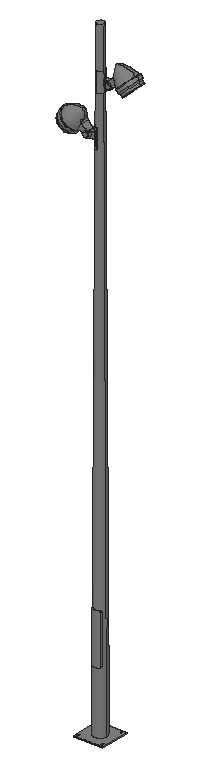
Revit family "Фобос 05_v1", category Осветительные приборы, Revit 2019
Family settings
  Размер круглого соединителя = Использовать диаметр
  Тип детали = Нормальный
  На основе рабочей плоскости = Нет
  Всегда вертикально = Да
  При загрузке вырезать с полостями = Нет
  Источник света = Да
  Общий = Нет
  Точка расчета площади = Нет
Parameters (values of type "ДТУ138с29 Светодиодный светильник Фобос 05 ДТУ-138-AF-72Вт-5,0-2-Spot-05-36Вт")
  built-in parameter 1150104 = 13.8 (stored number, unit not read)
  Цветоывая температура = size_lookup(Таблица выбора, "С", "", ADSK_Артикул, ADSK_Размер_Высота)  # "2700-5500"
  built-in parameter 1150134 = 3
  Файл фотометрической сетки = "Spot-05-AF 36W 60°.ies"
  Угол наклона = 60.00°
  Тип продукции = size_lookup(Таблица выбора, "T", " ", ADSK_Артикул, ADSK_Размер_Высота)  # "LED-светильник"
  Тип ПРА = "-"
  Тип КСС = size_lookup(Таблица выбора, "KSS", " ", ADSK_Артикул, ADSK_Размер_Высота)  # "специальная"
  Тип ИС = size_lookup(Таблица выбора, "IS", " ", ADSK_Артикул, ADSK_Размер_Высота)  # "LED-модуль"
  Температура эксплуатации = size_lookup(Таблица выбора, "T1", " ", ADSK_Артикул, ADSK_Размер_Высота)  # "-40 +50"
  Таблица выбора = "Таблица параметров светильников_par4_v1"
  built-in parameter 1150137 = (empty or 0)
  built-in parameter 1150132 = 2
  built-in parameter 1150114 = 1 (stored number, unit not read)
  Dimming Lamp Color Temperature Shift = (empty or 0)
  built-in parameter 1150105 = 3273.9 (stored number, unit not read)
  Color Filter = 16777215
  Lumens = 7920 lm
  built-in parameter 1150109 = 1 (stored number, unit not read)
  built-in parameter 1150112 = 1 (stored number, unit not read)
  built-in parameter 1150110 = 1 (stored number, unit not read)
  built-in parameter 1150113 = 1 (stored number, unit not read)
  built-in parameter 1150115 = 1 (stored number, unit not read)
  built-in parameter 1114218 = 1 (stored number, unit not read)
  built-in parameter 1114217 = 1 (stored number, unit not read)
  Apparent Load = 0 VA
  built-in parameter 1150106 = 32.739 (stored number, unit not read)
  Область использования = "Парки, скверы, общественные пространства, городская инфраструктура"  # constant formula
  built-in parameter 1150133 = 10 (stored number, unit not read)
  Wattage = 53.3183 W
  Материал рассеивателя = size_lookup(Таблица выбора, "M2", " ", ADSK_Артикул, ADSK_Размер_Высота)  # "Светотехнический ПК"
  built-in parameter 1150139 = (empty or 0)
  Корпус светильника = Сталь, окрашенная, темно-серая
  Рассеиватель = Белый_Светодиод
  Короб_Диаметр = 20 mm
  Климатическая зона = size_lookup(Таблица выбора, "TT", " ", ADSK_Артикул, ADSK_Размер_Высота)  # "УХЛ1"
  Класс пожароопасности = size_lookup(Таблица выбора, "F", " ", ADSK_Артикул, ADSK_Размер_Высота)  # "F (светильники предназначены для установки непосредственно на поверхность из нормально воспламеняемых материалов)"
  Класс защиты = size_lookup(Таблица выбора, "K", " ", ADSK_Артикул, ADSK_Размер_Высота)  # "1"
  built-in parameter 1150138 = (empty or 0)
  built-in parameter 1150107 = 3200 (stored number, unit not read)
  built-in parameter 1150102 = (empty or 0)
  Блок аварийного питания = no
  h_дверка = 400 mm
  S_дверка = 70 mm
  S2_фланец = 190 mm
  S1_фланец = 230 mm
  R_дверка_загибы = 10 mm
  L_отступ до центра = 1000 mm
  L_отступ до конечной точки = 1500 mm
  IP Class = size_lookup(Таблица выбора, "I", " ", ADSK_Артикул, ADSK_Размер_Высота)  # "IP 67"
  H_фланец = 10 mm
  H_конечной точки = 1500 mm
  H_дверка = 500 mm
  H1_светильник = 400 mm
  D_фланец_отверстия = 18 mm
  D_столб_низ = 100 mm
  D_столб_верх = 60 mm
  ADSK_Энергоэффективность = size_lookup(Таблица выбора, "E", 0 lm/W, ADSK_Артикул, ADSK_Размер_Высота)  # 10 lm/W
  ADSK_Фактическая мощность = size_lookup(Таблица выбора, "EF", 0 W, ADSK_Артикул, ADSK_Размер_Высота)  # 72 W
  ADSK_Ток = 0 A
  ADSK_Размер_Высота = 5000 mm
  ADSK_Примечание = ""
  ADSK_Полная мощность = 0 VA
  ADSK_Позиция = ""
  ADSK_Номинальная мощность = size_lookup(Таблица выбора, "ER", 0 W, ADSK_Артикул, ADSK_Размер_Высота)  # 72 W
  ADSK_Напряжение = 220 V  # constant formula
  ADSK_Наименование = size_lookup(Таблица выбора, "N", " ", ADSK_Артикул, ADSK_Размер_Высота)  # "ДТУ138с29 Светодиодный светильник Фобос 05 ДТУ-138-AF-72Вт-5.0-2-Spot-05-36Вт"
  ADSK_Модель = size_lookup(Таблица выбора, "M", " ", ADSK_Артикул, ADSK_Размер_Высота)  # "Фобос 05 ДТУ-138-AF"
  ADSK_Масса_Текст = size_lookup(Таблица выбора, "M1", " ", ADSK_Артикул, ADSK_Размер_Высота)  # "45"
  ADSK_Масса = size_lookup(Таблица выбора, "MAS", 0, ADSK_Артикул, ADSK_Размер_Высота)  # 45
  ADSK_Коэффициент мощности = 0
  ADSK_Количество фаз числовое = 0
  ADSK_Количество фаз = 2  # constant formula
  ADSK_Код изделия = ""
  ADSK_Классификация нагрузок [instance] = Освещение
  ADSK_Завод-изготовитель = "ALFRESCO"  # constant formula
  ADSK_Единица измерения = "шт."  # constant formula
  ADSK_Артикул = "ДТУ138с29"
  ADSK_URL страницы изделия = "https://www.allfresco.ru/catalog/dekorativnoe_ulichnoe_osveshchenie/skaylayn/"
  5 = no
  4 = no
  3 = no
  2 = yes
  1 = no
Reference planes
  plane 1 "По центру (Вперед/Назад)": y = 0
  plane 2: z = 0
  plane 3 "По центру (Влево/Вправо)": x = 0
  plane 4: x = -115
  plane 5: x = 115
  plane 6: y = 115
  plane 7: y = -115
  plane 8: x = -95
  plane 9: x = 95
  plane 10: y = 95
  plane 11: y = -95
  plane 12: z = 10
  plane 13: z = 5000
  plane 14: z = 500
  plane 15: z = 900
  plane 16: x = -35
  plane 17: x = 35
  plane 18 "1": z = 4600
  plane 19 "2": z = 4200
  plane 20 "3": z = 3800
  plane 21 "4": z = 3400
  plane 22 "5": z = 3000
  plane 23: y = 270
Forms (mm)
  Extrusion 1, solid, material "Сталь, окрашенная, темно-серая" <- "Корпус светильника", detail levels medium+fine
    sketch origin (0, 0, 0) x (1, 0, 0) y (0, 1, 0)
      loop
        line (-115, 115) -> (-115, -115) -> (115, -115) -> (115, 115) -> (-115, 115)
      loop
        circle (-95, 95) r 9
      loop
        circle (95, 95) r 9
      loop
        circle (95, -95) r 9
      loop
        circle (-95, -95) r 9
    from 0 to 10
  Blend 2, solid, material "Сталь, окрашенная, темно-серая" <- "Корпус светильника", detail levels medium+fine
    base sketch origin (0, 0, 0) x (1, 0, 0) y (0, 1, 0)
      loop
        circle (0, 0) r 50
    top sketch origin (0, 0, 0) x (1, 0, 0) y (0, 1, 0)
      loop
        circle (0, 0) r 30
    from 10 to 5000
  Extrusion 3, solid, material "Сталь, окрашенная, темно-серая" <- "Корпус светильника", detail levels medium+fine
    sketch origin (0, 0, 0) x (1, 0, 0) y (0, 0, 1)
      loop
        arc (-25, 900) -> (-32.071, 897.071) -> (-35, 890) r 10
        line (-35, 890) -> (-35, 510)
        arc (-35, 510) -> (-32.071, 502.929) -> (-25, 500) r 10
        line (-25, 500) -> (25, 500)
        arc (25, 500) -> (32.071, 502.929) -> (35, 510) r 10
        line (35, 510) -> (35, 890)
        arc (35, 890) -> (32.071, 897.071) -> (25, 900) r 10
        line (25, 900) -> (-25, 900)
    from 0 to 55
  Extrusion 4, void
    sketch origin (0, 0, 0) x (1, 0, 0) y (0, 1, 0)
      loop
        arc (35, -35.707) -> (0, -50) -> (-35, -35.707) r 50
        line (-35, -35.707) -> (-35, -63.443) -> (35, -63.443) -> (35, -35.707)
    from 500 to 900
Cuts and joins
  Extrusion 4 cuts Extrusion 3
Lines and regions (mm)
  model lines, detail levels coarse
    curve 1: line (-115, 0, 0) -> (115, 0, 0)
    curve 2: line (0, 0, 5000) -> (0, 0, 0)
Dimensions and locks
  equal spacing: plane 4, plane 3 "По центру (Влево/Вправо)", plane 5
  "S1_фланец": plane 4 to plane 5
  equal spacing: plane 6, plane 1 "По центру (Вперед/Назад)", plane 7
  "S1_фланец": plane 6 to plane 7
  equal spacing: plane 8, plane 3 "По центру (Влево/Вправо)", plane 9
  "S2_фланец": plane 8 to plane 9
  equal spacing: plane 10, plane 1 "По центру (Вперед/Назад)", plane 11
  "S2_фланец": plane 10 to plane 11
  "H_фланец": plane 12 to plane 2
  "ADSK_Размер_Высота": plane 13 to plane 2
  "H_дверка": plane 14 to plane 2
  "h_дверка": plane 15 to plane 14
  equal spacing: plane 17, plane 3 "По центру (Влево/Вправо)", plane 16
  "S_дверка": plane 17 to plane 16
  "H1_светильник": plane 13 to plane 18 "1"
  plane 1 "По центру (Вперед/Назад)" to nested 1 = 316.951 mm
  "H1_светильник": plane 18 "1" to plane 19 "2"
  "H1_светильник": plane 19 "2" to plane 20 "3"
  "H1_светильник": plane 20 "3" to plane 21 "4"
  "H1_светильник": plane 21 "4" to plane 22 "5"
  plane 1 "По центру (Вперед/Назад)" to plane 23 = 270 mm
  "D_фланец_отверстия": diameter of Extrusion 1 sketch curve  (x4)
  "D_столб_низ": diameter of Blend 2 sketch curve
  "D_столб_верх": diameter of Blend 2 sketch curve
  "R_дверка_загибы": radius of Extrusion 3 sketch curve  (x4)
  aligned and locked: level to plane 2
  aligned and locked: Extrusion 1 sketch curve to plane 6
  aligned and locked: plane 4 to Extrusion 1 sketch curve
  aligned and locked: plane 7 to Extrusion 1 sketch curve
  aligned and locked: Extrusion 1 sketch curve to plane 5
  aligned and locked: plane 8 to Extrusion 1 sketch curve  (x2)
  aligned and locked: plane 10 to Extrusion 1 sketch curve  (x2)
  aligned and locked: plane 9 to Extrusion 1 sketch curve  (x2)
  aligned and locked: plane 11 to Extrusion 1 sketch curve  (x2)
  aligned and locked: Extrusion 1 to plane 2
  aligned and locked: plane 12 to Extrusion 1
  aligned and locked: plane 3 "По центру (Влево/Вправо)" to Blend 2 sketch curve  (x2)
  aligned and locked: plane 1 "По центру (Вперед/Назад)" to Blend 2 sketch curve  (x2)
  aligned and locked: plane 13 to Blend 2
  aligned and locked: Blend 2 to plane 12
  aligned and locked: Extrusion 3 sketch curve to plane 15
  aligned and locked: plane 16 to Extrusion 3 sketch curve
  aligned and locked: plane 14 to Extrusion 3 sketch curve
  aligned and locked: Extrusion 3 sketch curve to plane 17
  aligned and locked: Extrusion 3 to plane 1 "По центру (Вперед/Назад)"
  aligned and locked: plane 15 to Extrusion 4
  aligned and locked: Extrusion 4 to plane 14
  aligned and locked: nested 1 to plane 18 "1"
  aligned and locked: plane 1 "По центру (Вперед/Назад)" to nested 1
  aligned and locked: nested 2 to plane 18 "1"
  aligned and locked: nested 3 to plane 19 "2"
  aligned and locked: plane 3 "По центру (Влево/Вправо)" to nested 2
  aligned and locked: nested 3 to plane 3 "По центру (Влево/Вправо)"
  aligned and locked: nested 6 to plane 19 "2"
  aligned and locked: plane 1 "По центру (Вперед/Назад)" to nested 6
  aligned and locked: nested 4 to plane 18 "1"
  aligned and locked: nested 5 to plane 20 "3"
  aligned and locked: plane 3 "По центру (Влево/Вправо)" to nested 4
  aligned and locked: nested 5 to plane 3 "По центру (Влево/Вправо)"
  aligned and locked: nested 7 to plane 18 "1"
  aligned and locked: plane 3 "По центру (Влево/Вправо)" to nested 7
  aligned and locked: nested 8 to plane 20 "3"
  aligned and locked: nested 8 to plane 3 "По центру (Влево/Вправо)"
  aligned and locked: nested 9 to plane 19 "2"
  aligned and locked: plane 1 "По центру (Вперед/Назад)" to nested 9
  aligned and locked: nested 10 to plane 1 "По центру (Вперед/Назад)"
  aligned and locked: plane 3 "По центру (Влево/Вправо)" to nested 11
  aligned and locked: nested 12 to plane 3 "По центру (Влево/Вправо)"
  aligned and locked: plane 3 "По центру (Влево/Вправо)" to nested 13
  aligned and locked: nested 13 to plane 22 "5"
  aligned and locked: nested 12 to plane 20 "3"
  aligned and locked: nested 14 to plane 19 "2"
  aligned and locked: nested 15 to plane 21 "4"
  aligned and locked: plane 1 "По центру (Вперед/Назад)" to nested 14
  aligned and locked: nested 15 to plane 1 "По центру (Вперед/Назад)"
  aligned and locked: plane 3 "По центру (Влево/Вправо)" to imposter light
  aligned and locked: plane 19 "2" to imposter light
  aligned and locked: imposter light to plane 23
  aligned and locked: nested 10 to plane 21 "4"
  aligned and locked: plane 4 to curve 1
  aligned and locked: plane 5 to curve 1
  aligned and locked: curve 1 to plane 2
  aligned and locked: plane 2 to curve 2
  aligned and locked: plane 13 to curve 2
  aligned and locked: curve 2 to plane 3 "По центру (Влево/Вправо)"
  aligned and locked: plane 1 "По центру (Вперед/Назад)" to nested 16
  aligned and locked: plane 3 "По центру (Влево/Вправо)" to nested 16
Automatic sketch dimensions
  plane 1 "По центру (Вперед/Назад)" to Extrusion 4 sketch curve = 35.707 mm
  Extrusion 4 sketch curve to plane 3 "По центру (Влево/Вправо)" = 0 mm
  Extrusion 4 sketch curve to plane 17 = 0 mm
  Extrusion 4 sketch curve to plane 16 = 0 mm
  Extrusion 4 sketch curve to Extrusion 4 sketch curve = 27.736 mm
  plane 1 "По центру (Вперед/Назад)" to Extrusion 4 sketch curve = 0 mm
  Extrusion 1 sketch curve to plane 9 = 0 mm
Nested families
  nested 1: "Фобос светильничек" at (0, 340.365, 4684.243) x (0, 1, 0) z (0, 0, 1), visible <- "1", type "Фобос светильничек"
    with R_крепление-2 30 mm, R_крепление на столб 32 mm
  nested 2: "Фобос светильничек" at (340.365, 0, 4684.243), visible <- "2", type "Фобос светильничек"
    with R_крепление-2 30 mm, R_крепление на столб 32 mm
  nested 3: "Фобос светильничек" at (-340.365, 0, 4284.243) x (-1, 0, 0) z (0, 0, 1), visible <- "2", type "Фобос светильничек"
    with R_крепление-2 32 mm, R_крепление на столб 34 mm
  nested 4: "Фобос светильничек" at (340.365, 0, 4684.243), visible <- "3", type "Фобос светильничек"
    with R_крепление-2 30 mm, R_крепление на столб 32 mm
  nested 5: "Фобос светильничек" at (-340.365, 0, 3884.243) x (-1, 0, 0) z (0, 0, 1), visible <- "3", type "Фобос светильничек"
    with R_крепление-2 34 mm, R_крепление на столб 36 mm
  nested 6: "Фобос светильничек" at (0, 340.365, 4284.243) x (0, 1, 0) z (0, 0, 1), visible <- "3", type "Фобос светильничек"
    with R_крепление-2 32 mm, R_крепление на столб 34 mm
  nested 7: "Фобос светильничек_крупный_362" at (312.395, 0, 4684.243), visible <- "4", type "Фобос светильничек_крупный_362"
    with R_крепление-2 30 mm, R_крепление на столб 32 mm
  nested 8: "Фобос светильничек_крупный_362" at (-312.395, 0, 3884.243) x (-1, 0, 0) z (0, 0, 1), visible <- "4", type "Фобос светильничек_крупный_362"
    with R_крепление-2 34 mm, R_крепление на столб 36 mm
  nested 9: "Фобос светильничек_крупный_362" at (0, 312.395, 4284.243) x (0, 1, 0) z (0, 0, 1), visible <- "4", type "Фобос светильничек_крупный_362"
    with R_крепление-2 32 mm, R_крепление на столб 34 mm
  nested 10: "Фобос светильничек_крупный_362" at (0, -312.395, 3484.243) x (0, -1, 0) z (0, 0, 1), visible <- "4", type "Фобос светильничек_крупный_362"
    with R_крепление-2 36 mm, R_крепление на столб 38 mm
  nested 11: "Фобос светильничек_крупный_344" at (312.365, 0, 5684.243), visible <- "5", type "Фобос светильничек_крупный_344"
    with R_крепление-2 30 mm, R_крепление на столб 32 mm
  nested 12: "Фобос светильничек_крупный_344" at (-312.365, 0, 3884.243) x (-1, 0, 0) z (0, 0, 1), visible <- "5", type "Фобос светильничек_крупный_344"
    with R_крепление-2 1 mm, R_крепление на столб 3 mm
  nested 13: "Фобос светильничек_крупный_344" at (312.365, 0, 3084.243), visible <- "5", type "Фобос светильничек_крупный_344"
    with R_крепление-2 38 mm, R_крепление на столб 40 mm
  nested 14: "Фобос светильничек_крупный_344" at (0, 312.365, 4284.243) x (0, 1, 0) z (0, 0, 1), visible <- "5", type "Фобос светильничек_крупный_344"
    with R_крепление-2 32 mm, R_крепление на столб 34 mm
  nested 15: "Фобос светильничек_крупный_344" at (0, -312.365, 3484.243) x (0, -1, 0) z (0, 0, 1), visible <- "5", type "Фобос светильничек_крупный_344"
    with R_крепление-2 1 mm, R_крепление на столб 3 mm
  nested 16: "УГО план" at (0, 0, 0), type "УГО план"
Connectors
  electrical at (0, 0, 0), driven by "ADSK_Количество фаз", driven by "ADSK_Классификация нагрузок", driven by "ADSK_Напряжение", driven by "ADSK_Полная мощность"
    settings: on Extrusion 1, index 1, voltage 220 V, apparent load 0 VA, apparent load phase1 0 VA, apparent load phase2 0 VA, apparent load phase3 0 VA, power factor 1, load classification "Освещение", number of poles 2, system type 30, power factor state 1, is connector primary yes, connector utility no, sub classification motor no, connector description ""
  cabletrayconduit at (0, 0, 0), diameter 20, driven by "Короб_Диаметр"
    settings: on Extrusion 1, index 2, connector width 300 mm, connector height 300 mm, connector angle 0.00°, system type 32, placement type 0, profile type 0, connector reference index -1, is primary connector yes, connector utility param no, connector description ""
Definition of nested family "Фобос светильничек"
  Parameters (values of type "Фобос светильничек")
    Светильнкии = none
    Рассеиватель = none
    Default Elevation = 1219.2 mm
    Корпус светильника = none
    h_пластина = 75 mm
    S_крепеж = 30 mm
    S = 60 mm
    R_крепление-2 [instance] = R_крепление на столб - 2 mm  # 30 mm
    R_крепление на столб [instance] = 32 mm
  Reference planes
    plane 1 "По центру (Вперед/Назад)": y = 0
    plane 2: z = 0
    plane 3 "По центру (Влево/Вправо)": x = 0
    plane 4: y = 30
    plane 5: y = -30
    plane 6: x = -268.395
    plane 7: z = -84.243
    plane 8: y = 15
    plane 9: y = -15
    plane 10: x = -340.365
    plane 11: x = -308.365
    plane 12: x = -338.365
    plane 13: z = -9.243
    plane 14: z = -159.243
    plane 15: x = -252.365
  Forms (mm)
    Revolve 1, solid, material <- "Корпус светильника", detail levels medium+fine
      sketch origin (-58.301, 0, 38.944) x (0.939703, 0, 0.341992) y (-0.341992, 0, 0.939703)
        loop
          line (-163.94, -74.056) -> (-151.507, -101.579)
          arc (-151.507, -101.579) -> (-143.076, -100.022) -> (-136.538, -105.568) r 10
          line (-136.538, -105.568) -> (-127.841, -124.821) -> (-56.758, -92.71) -> (-81.92, -37.005) -> (-163.94, -74.056)
        axis (-56.756, -92.712) -> (-81.919, -37.005)
      angle from 0 to 360
    Revolve 2, solid, material <- "Корпус светильника", detail levels medium+fine
      sketch origin (-58.301, 0, 38.944) x (0.939703, 0, 0.341992) y (-0.341992, 0, 0.939703)
        loop
          arc (-126.644, 80.901) -> (-130.859, 81.492) -> (-134.997, 80.495) r 11.398
          line (-134.997, 80.495) -> (-81.923, -37.006) -> (-2.866, -1.296)
          arc (-2.866, -1.296) -> (-3.858, -1.465) -> (-4.807, -1.131) r 2
          arc (-4.807, -1.131) -> (-58.48, 50.647) -> (-126.644, 80.901) r 214.352
        axis (-134.997, 80.495) -> (-81.923, -37.006)
      angle from 0 to 360
    Extrusion 3, solid, material <- "Корпус светильника", detail levels medium+fine
      sketch origin (-54.723, 0, 42.436) x (0.939703, 0, 0.341992) y (-0.341992, 0, 0.939703)
        loop
          line (-155.572, 21.406) -> (-162.552, 18.151)
          arc (-162.552, 18.151) -> (-168.406, 5.682) -> (-179.219, -2.853) r 29.977
          line (-179.219, -2.853) -> (-227.894, -25.552)
          arc (-227.894, -25.552) -> (-229.749, -26.237) -> (-231.692, -26.608) r 11.991
          arc (-231.692, -26.608) -> (-251.688, -62.007) -> (-211.717, -69.441) r 24.981
          arc (-211.717, -69.441) -> (-210.194, -68.198) -> (-208.489, -67.22) r 11.991
          line (-208.489, -67.22) -> (-188.446, -57.873)
          arc (-188.446, -57.873) -> (-173.139, -57.171) -> (-161.835, -67.515) r 19.985
          line (-161.835, -67.515) -> (-123.484, -49.63) -> (-155.572, 21.406)
        loop
          line (-229.047, -51.449) -> (-227.569, -51.987) -> (-227.015, -50.465) -> (-228.493, -49.927) -> (-229.047, -51.449)
      from -30 to 30
    Extrusion 4, solid, material <- "Корпус светильника", detail levels medium+fine
      sketch origin (-11.97, 0, 0) x (1, 0, 0) y (0, 0, 1)
        loop
          circle (-240.395, -84.243) r 19.985
      from 30 to 35
    Extrusion 5, solid, material <- "Корпус светильника", detail levels medium+fine
      sketch origin (-11.97, 0, 0) x (1, 0, 0) y (0, 0, -1)
        loop
          circle (-240.395, 84.243) r 19.985
      from 30 to 35
    Extrusion 6, solid, material <- "Рассеиватель", detail levels medium+fine
      sketch origin (-84.924, 0, -72.464) x (-0.715611, 0, -0.698499) y (0, 1, 0)
        loop
          circle (-6.978, 0) r 78
      from 0 to 1
    Extrusion 7, solid, material <- "Корпус светильника", detail levels medium+fine
      sketch origin (0, 0, 0) x (1, 0, 0) y (0, 0, 1)
        loop
          line (-308.365, -59.262) -> (-308.365, -109.224) -> (-252.365, -109.224) -> (-252.365, -59.262) -> (-308.365, -59.262)
      from -15 to 15
    Extrusion 8, solid, material <- "Корпус светильника", detail levels medium+fine
      sketch origin (0, 0, 0) x (1, 0, 0) y (0, 1, 0)
        loop
          line (-340.365, -32) -> (-340.365, -34)
          arc (-340.365, -34) -> (-306.365, 0) -> (-340.365, 34) r 34
          line (-340.365, 34) -> (-340.365, 32)
          arc (-340.365, 32) -> (-308.365, 0) -> (-340.365, -32) r 32
      from -159.243 to -9.243
    Revolve 9, solid, material <- "Корпус светильника", not visible, detail levels medium+fine
      sketch origin (-29.331, 0, 38.944) x (0.939703, 0, 0.341992) y (-0.341992, 0, 0.939703)
        loop
          line (-163.94, -74.056) -> (-151.507, -101.579)
          arc (-151.507, -101.579) -> (-143.076, -100.022) -> (-136.538, -105.568) r 10
          line (-136.538, -105.568) -> (-127.841, -124.821) -> (-56.758, -92.71) -> (-81.92, -37.005) -> (-163.94, -74.056)
        axis (-56.756, -92.712) -> (-81.919, -37.005)
      angle from 0 to 360
    Revolve 10, solid, material <- "Корпус светильника", not visible, detail levels medium+fine
      sketch origin (-29.331, 0, 38.944) x (0.939703, 0, 0.341992) y (-0.341992, 0, 0.939703)
        loop
          arc (-126.644, 80.901) -> (-130.859, 81.492) -> (-134.997, 80.495) r 11.398
          line (-134.997, 80.495) -> (-81.923, -37.006) -> (-2.866, -1.296)
          arc (-2.866, -1.296) -> (-3.858, -1.465) -> (-4.807, -1.131) r 2
          arc (-4.807, -1.131) -> (-58.48, 50.647) -> (-126.644, 80.901) r 214.352
        axis (-134.997, 80.495) -> (-81.923, -37.006)
      angle from 0 to 360
    Extrusion 11, solid, material <- "Корпус светильника", not visible, detail levels medium+fine
      sketch origin (-25.753, 0, 42.436) x (0.939703, 0, 0.341992) y (-0.341992, 0, 0.939703)
        loop
          line (-155.572, 21.406) -> (-162.552, 18.151)
          arc (-162.552, 18.151) -> (-168.406, 5.682) -> (-179.219, -2.853) r 29.977
          line (-179.219, -2.853) -> (-227.894, -25.552)
          arc (-227.894, -25.552) -> (-229.749, -26.237) -> (-231.692, -26.608) r 11.991
          arc (-231.692, -26.608) -> (-251.688, -62.007) -> (-211.717, -69.441) r 24.981
          arc (-211.717, -69.441) -> (-210.194, -68.198) -> (-208.489, -67.22) r 11.991
          line (-208.489, -67.22) -> (-188.446, -57.873)
          arc (-188.446, -57.873) -> (-173.139, -57.171) -> (-161.835, -67.515) r 19.985
          line (-161.835, -67.515) -> (-123.484, -49.63) -> (-155.572, 21.406)
        loop
          line (-229.047, -51.449) -> (-227.569, -51.987) -> (-227.015, -50.465) -> (-228.493, -49.927) -> (-229.047, -51.449)
      from -30 to 30
    Extrusion 12, solid, material <- "Корпус светильника", not visible, detail levels medium+fine
      sketch origin (17, 0, 0) x (1, 0, 0) y (0, 0, 1)
        loop
          circle (-240.395, -84.243) r 19.985
      from 30 to 35
    Extrusion 13, solid, material <- "Корпус светильника", not visible, detail levels medium+fine
      sketch origin (17, 0, 0) x (1, 0, 0) y (0, 0, -1)
        loop
          circle (-240.395, 84.243) r 19.985
      from 30 to 35
    Extrusion 14, solid, material <- "Рассеиватель", not visible, detail levels medium+fine
      sketch origin (-55.954, 0, -72.464) x (-0.715611, 0, -0.698499) y (0, 1, 0)
        loop
          circle (-6.978, 0) r 78
      from 0 to 1
  Cuts and joins
    joined: Revolve 2, Extrusion 3
  Lines and regions (mm)
    model lines, detail levels coarse
      curve 1: line (-338.365, 0, -84.243) -> (0, 0, -84.243)
  Dimensions and locks
    equal spacing: plane 4, plane 1 "По центру (Вперед/Назад)", plane 5
    "S": plane 4 to plane 5
    equal spacing: plane 8, plane 1 "По центру (Вперед/Назад)", plane 9
    "S_крепеж": plane 8 to plane 9
    locked: plane 11 to plane 6 at 39.97
    "R_крепление на столб": plane 10 to plane 11
    locked: plane 10 to plane 12 at 2
    "h_пластина": plane 13 to plane 7
    locked: plane 7 to plane 14 at 75
    plane 15 to plane 10 = 88 mm
    diameter of Extrusion 6 sketch curve = 156 mm
    "R_крепление на столб": radius of Extrusion 8 sketch curve
    diameter of Extrusion 14 sketch curve = 156 mm
    angle Extrusion 8 sketch curve to Extrusion 8 sketch curve = 180.00°  (x2)
    aligned and locked: level to plane 2
    aligned and locked: plane 4 to Extrusion 3
    aligned and locked: Extrusion 3 to plane 5
    aligned and locked: Extrusion 4 to cut or joined group of Revolve 2, Extrusion 3
    aligned and locked: import instance to Extrusion 4
    aligned and locked: Extrusion 5 to import instance
    aligned and locked: plane 8 to Extrusion 7
    aligned and locked: Extrusion 7 to plane 9
    aligned and locked: plane 10 to Extrusion 8 sketch curve
    aligned and locked: plane 1 "По центру (Вперед/Назад)" to Extrusion 8 sketch curve
    aligned and locked: Extrusion 8 to plane 14
    aligned and locked: plane 13 to Extrusion 8
    aligned and locked: Extrusion 8 sketch curve to plane 10  (x2)
    aligned and locked: plane 15 to Extrusion 7
    aligned and locked: plane 15 to cut or joined group of Revolve 2, Extrusion 3
    aligned and locked: plane 12 to curve 1
    aligned and locked: plane 3 "По центру (Влево/Вправо)" to curve 1
    aligned and locked: plane 7 to curve 1
  Automatic sketch dimensions
    Revolve 1 sketch curve to Revolve 1 sketch curve = 12.433 mm
    Revolve 1 sketch curve to Revolve 1 sketch curve = 5.856 mm
    Revolve 1 sketch curve to Revolve 1 sketch curve = 17.81 mm
    Revolve 1 sketch curve to Revolve 1 sketch curve = 82.02 mm
    Revolve 1 sketch curve to Revolve 1 sketch curve = 25.162 mm
    Revolve 1 sketch curve to Revolve 1 sketch curve = 18.654 mm
    Revolve 1 sketch curve to Revolve 1 sketch curve = 27.523 mm
    Revolve 1 sketch curve to Revolve 1 sketch curve = 8.106 mm
    Revolve 1 sketch curve to Revolve 1 sketch curve = 15.136 mm
    Revolve 1 sketch curve to Revolve 1 sketch curve = 55.705 mm
    Revolve 1 sketch curve to Revolve 1 sketch curve = 9.113 mm
    Revolve 1 sketch curve to Revolve 1 sketch curve = 0 mm  (x4)
    Revolve 1 sketch curve to Revolve 1 sketch curve = 7.77 mm
    Revolve 1 sketch curve to Revolve 1 sketch curve = 17.203 mm
    Revolve 2 sketch curve to Revolve 2 sketch curve = 43.198 mm
    Revolve 2 sketch curve to Revolve 2 sketch curve = 4.692 mm
    Revolve 2 sketch curve to Revolve 2 sketch curve = 48.382 mm
    Revolve 2 sketch curve to Revolve 2 sketch curve = 78.233 mm
    Revolve 2 sketch curve to Revolve 2 sketch curve = 90.153 mm
    Revolve 2 sketch curve to Revolve 2 sketch curve = 37.534 mm
    Revolve 2 sketch curve to Revolve 2 sketch curve = 107.114 mm
    Revolve 2 sketch curve to Revolve 2 sketch curve = 10.387 mm
    Revolve 2 sketch curve to Revolve 2 sketch curve = 0 mm  (x2)
    Revolve 2 sketch curve to Revolve 2 sketch curve = 8.353 mm
    Revolve 2 sketch curve to Revolve 2 sketch curve = 8.673 mm
    Revolve 2 sketch curve to Revolve 2 sketch curve = 1.117 mm
    Revolve 2 sketch curve to Revolve 2 sketch curve = 1.94 mm
    Revolve 2 sketch curve to Revolve 2 sketch curve = 0.001 mm
    Revolve 2 sketch curve to Revolve 2 sketch curve = 19.201 mm
    Extrusion 7 sketch curve to plane 11 = 0 mm
    plane 6 to Extrusion 7 sketch curve = 16.03 mm
    plane 7 to Extrusion 7 sketch curve = 24.981 mm
    Extrusion 7 sketch curve to plane 7 = 24.981 mm
    Revolve 1 to Extrusion 6 sketch curve = 0 mm
    Revolve 9 sketch curve to Revolve 9 sketch curve = 12.433 mm
    Revolve 9 sketch curve to Revolve 9 sketch curve = 5.856 mm
    Revolve 9 sketch curve to Revolve 9 sketch curve = 17.81 mm
    Revolve 9 sketch curve to Revolve 9 sketch curve = 82.02 mm
    Revolve 9 sketch curve to Revolve 9 sketch curve = 25.162 mm
    Revolve 9 sketch curve to Revolve 9 sketch curve = 18.654 mm
    Revolve 9 sketch curve to Revolve 9 sketch curve = 27.523 mm
    Revolve 9 sketch curve to Revolve 9 sketch curve = 8.106 mm
    Revolve 9 sketch curve to Revolve 9 sketch curve = 15.136 mm
    Revolve 9 sketch curve to Revolve 9 sketch curve = 55.705 mm
    Revolve 9 sketch curve to Revolve 9 sketch curve = 9.113 mm
    Revolve 9 sketch curve to Revolve 9 sketch curve = 0 mm  (x4)
    Revolve 9 sketch curve to Revolve 9 sketch curve = 7.77 mm
    Revolve 9 sketch curve to Revolve 9 sketch curve = 17.203 mm
    Revolve 10 sketch curve to Revolve 10 sketch curve = 43.198 mm
    Revolve 10 sketch curve to Revolve 10 sketch curve = 4.692 mm
    Revolve 10 sketch curve to Revolve 10 sketch curve = 48.382 mm
    Revolve 10 sketch curve to Revolve 10 sketch curve = 78.233 mm
    Revolve 10 sketch curve to Revolve 10 sketch curve = 90.153 mm
    Revolve 10 sketch curve to Revolve 10 sketch curve = 37.534 mm
    Revolve 10 sketch curve to Revolve 10 sketch curve = 107.114 mm
    Revolve 10 sketch curve to Revolve 10 sketch curve = 10.387 mm
    Revolve 10 sketch curve to Revolve 10 sketch curve = 0 mm  (x2)
    Revolve 10 sketch curve to Revolve 10 sketch curve = 8.353 mm
    Revolve 10 sketch curve to Revolve 10 sketch curve = 8.673 mm
    Revolve 10 sketch curve to Revolve 10 sketch curve = 1.117 mm
    Revolve 10 sketch curve to Revolve 10 sketch curve = 1.94 mm
    Revolve 10 sketch curve to Revolve 10 sketch curve = 0.001 mm
    Revolve 10 sketch curve to Revolve 10 sketch curve = 19.201 mm
    Revolve 9 to Extrusion 14 sketch curve = 0 mm
    Extrusion 3 sketch curve to Extrusion 3 sketch curve = 3.914 mm
    Extrusion 3 sketch curve to Extrusion 3 sketch curve = 0 mm  (x7)
    Extrusion 3 sketch curve to Extrusion 3 sketch curve = 0.554 mm
    Extrusion 3 sketch curve to Extrusion 3 sketch curve = 1.478 mm
    Extrusion 3 sketch curve to Extrusion 3 sketch curve = 19.081 mm
    Extrusion 3 sketch curve to Extrusion 3 sketch curve = 5.09 mm
    Extrusion 3 sketch curve to Extrusion 3 sketch curve = 41.073 mm
    Extrusion 3 sketch curve to Extrusion 3 sketch curve = 20.043 mm
    Extrusion 3 sketch curve to Extrusion 3 sketch curve = 8.498 mm
    Extrusion 3 sketch curve to Extrusion 3 sketch curve = 29.336 mm
    Extrusion 3 sketch curve to Extrusion 3 sketch curve = 18.112 mm
    Extrusion 3 sketch curve to Extrusion 3 sketch curve = 6.98 mm
    Extrusion 3 sketch curve to Extrusion 3 sketch curve = 38.351 mm
    Extrusion 3 sketch curve to Extrusion 3 sketch curve = 2.116 mm
    Extrusion 3 sketch curve to Extrusion 3 sketch curve = 8.447 mm
    Extrusion 3 sketch curve to Extrusion 3 sketch curve = 10.857 mm
    Extrusion 3 sketch curve to Extrusion 3 sketch curve = 15.233 mm
    Extrusion 3 sketch curve to Extrusion 3 sketch curve = 0.538 mm
    Extrusion 3 sketch curve to Extrusion 3 sketch curve = 17.885 mm
    Extrusion 3 sketch curve to Extrusion 3 sketch curve = 35.242 mm
    Extrusion 3 sketch curve to Extrusion 3 sketch curve = 32.835 mm
    Extrusion 3 sketch curve to Extrusion 3 sketch curve = 3.255 mm
    Extrusion 3 sketch curve to Extrusion 3 sketch curve = 6.165 mm
    Extrusion 3 sketch curve to Extrusion 3 sketch curve = 1.269 mm
    Extrusion 3 sketch curve to Extrusion 3 sketch curve = 3.798 mm
    Extrusion 3 sketch curve to Extrusion 3 sketch curve = 16.667 mm
    Extrusion 11 sketch curve to Extrusion 11 sketch curve = 3.914 mm
    Extrusion 11 sketch curve to Extrusion 11 sketch curve = 0 mm  (x7)
    Extrusion 11 sketch curve to Extrusion 11 sketch curve = 0.554 mm
    Extrusion 11 sketch curve to Extrusion 11 sketch curve = 1.478 mm
    Extrusion 11 sketch curve to Extrusion 11 sketch curve = 19.081 mm
    Extrusion 11 sketch curve to Extrusion 11 sketch curve = 5.09 mm
    Extrusion 11 sketch curve to Extrusion 11 sketch curve = 41.073 mm
    Extrusion 11 sketch curve to Extrusion 11 sketch curve = 20.043 mm
    Extrusion 11 sketch curve to Extrusion 11 sketch curve = 8.498 mm
    Extrusion 11 sketch curve to Extrusion 11 sketch curve = 29.336 mm
    Extrusion 11 sketch curve to Extrusion 11 sketch curve = 18.112 mm
    Extrusion 11 sketch curve to Extrusion 11 sketch curve = 6.98 mm
    Extrusion 11 sketch curve to Extrusion 11 sketch curve = 38.351 mm
    Extrusion 11 sketch curve to Extrusion 11 sketch curve = 2.116 mm
    Extrusion 11 sketch curve to Extrusion 11 sketch curve = 8.447 mm
    Extrusion 11 sketch curve to Extrusion 11 sketch curve = 10.857 mm
    Extrusion 11 sketch curve to Extrusion 11 sketch curve = 15.233 mm
    Extrusion 11 sketch curve to Extrusion 11 sketch curve = 0.538 mm
    Extrusion 11 sketch curve to Extrusion 11 sketch curve = 17.885 mm
    Extrusion 11 sketch curve to Extrusion 11 sketch curve = 35.242 mm
    Extrusion 11 sketch curve to Extrusion 11 sketch curve = 32.835 mm
    Extrusion 11 sketch curve to Extrusion 11 sketch curve = 3.255 mm
    Extrusion 11 sketch curve to Extrusion 11 sketch curve = 6.165 mm
    Extrusion 11 sketch curve to Extrusion 11 sketch curve = 1.269 mm
    Extrusion 11 sketch curve to Extrusion 11 sketch curve = 3.798 mm
    Extrusion 11 sketch curve to Extrusion 11 sketch curve = 16.667 mm
    Extrusion 8 sketch curve to Extrusion 8 sketch curve = 0 mm
    Extrusion 8 sketch curve to Extrusion 8 sketch curve = 2 mm
    radius of Extrusion 4 sketch curve = 19.985 mm
    radius of Extrusion 5 sketch curve = 19.985 mm
    radius of Extrusion 12 sketch curve = 19.985 mm
    radius of Extrusion 13 sketch curve = 19.985 mm
Definition of nested family "Фобос светильничек_крупный_362"
  Parameters (values of type "Фобос светильничек_крупный_362")
    Светильнкии = none
    Рассеиватель = none
    Default Elevation = 1219.2 mm
    Корпус светильника = none
    h_пластина = 75 mm
    S_крепеж = 30 mm
    S = 60 mm
    R_крепление-2 [instance] = R_крепление на столб - 2 mm  # 30 mm
    R_крепление на столб [instance] = 32 mm
    Angle = 90.00°
  Reference planes
    plane 1 "По центру (Вперед/Назад)": y = 0
    plane 2: z = 0
    plane 3 "По центру (Влево/Вправо)": x = 0
    plane 4: y = 30
    plane 5: y = -30
    plane 6: x = -240.395
    plane 7: z = -84.243
    plane 8: y = 15
    plane 9: y = -15
    plane 10: x = -312.395
    plane 11: x = -280.395
    plane 12: x = -310.395
    plane 13: z = -9.243
    plane 14: z = -159.243
    plane 15: x = -220.395
  Forms (mm)
    Extrusion 1, solid, material <- "Корпус светильника", detail levels medium+fine
      sketch origin (20.074, 0, 0) x (1, 0, 0) y (0, 0, 1)
        loop
          circle (-240.395, -84.243) r 19.985
      from 30 to 35
    Extrusion 2, solid, material <- "Корпус светильника", detail levels medium+fine
      sketch origin (20.074, 0, 0) x (1, 0, 0) y (0, 0, -1)
        loop
          circle (-240.395, 84.243) r 19.985
      from 30 to 35
    Extrusion 3, solid, material <- "Корпус светильника", detail levels medium+fine
      sketch origin (0, 0, 0) x (1, 0, 0) y (0, 0, 1)
        loop
          line (-280.395, -59.262) -> (-280.395, -109.224) -> (-220.395, -109.224) -> (-220.395, -59.262) -> (-280.395, -59.262)
      from -15 to 15
    Extrusion 4, solid, material <- "Корпус светильника", detail levels medium+fine
      sketch origin (0, 0, 0) x (1, 0, 0) y (0, 1, 0)
        loop
          line (-312.395, -32) -> (-312.395, -34)
          arc (-312.395, -34) -> (-278.395, 0) -> (-312.395, 34) r 34
          line (-312.395, 34) -> (-312.395, 32)
          arc (-312.395, 32) -> (-280.395, 0) -> (-312.395, -32) r 32
      from -159.243 to -9.243
    Revolve 5, solid, material <- "Рассеиватель", detail levels medium+fine
      sketch origin (3.074, 0, 0) x (1, 0, 0) y (0, 0, 1)
        loop
          line (45.432, -54.776) -> (-34.083, -110.451) -> (-32.936, -112.09) -> (46.578, -56.413) -> (45.432, -54.776)
        axis (-34.083, -110.451) -> (-32.936, -112.09)
      angle from 0 to 360
    Extrusion 6, solid, detail levels medium+fine
      sketch origin (3.074, 0, 0) x (1, 0, 0) y (0, 0, 1)
        loop
          line (-154.598, -121.535) -> (-162.061, -110.876) -> (-162.061, -99.884) -> (-188.848, -11.135)
          arc (-188.848, -11.135) -> (-198.188, -39.041) -> (-221.599, -56.87) r 50.036
          line (-221.599, -56.87) -> (-232.098, -60.76)
          arc (-232.098, -60.76) -> (-243.008, -99.867) -> (-202.459, -97.825) r 25.018
          arc (-202.459, -97.825) -> (-190.785, -90.993) -> (-178.354, -96.326) r 15.011
          line (-178.354, -96.326) -> (-156.238, -122.683) -> (-154.598, -121.535)
        loop
          line (-223.469, -84.243) -> (-222.469, -84.243) -> (-222.469, -83.243) -> (-223.469, -83.243) -> (-223.469, -84.243)
      from -30 to 30
    Revolve 7, solid, material <- "Корпус светильника", detail levels medium+fine
      sketch origin (3.074, 0, 0) x (1, 0, 0) y (0, 0, 1)
        loop
          line (45.432, -54.776) -> (36.246, -41.657)
          arc (36.246, -41.657) -> (30.181, -27.048) -> (30.831, -11.243) r 36.68
          line (30.831, -11.243) -> (21.647, 1.873) -> (14.185, 12.53)
          arc (14.185, 12.53) -> (8.817, 13.602) -> (4.191, 16.527) r 15.011
          arc (4.191, 16.527) -> (-61.355, 67.801) -> (-134.492, 107.504) r 500.363
          arc (-134.492, 107.504) -> (-159.539, 111.49) -> (-183.323, 102.683) r 50.036
          line (-183.323, 102.683) -> (-34.086, -110.454) -> (45.432, -54.776)
        axis (-183.323, 102.683) -> (-34.086, -110.454)
      angle from 0 to 360
    Extrusion 8, solid, material <- "Корпус светильника", not visible, detail levels medium+fine
      sketch origin (17, 0, 0) x (1, 0, 0) y (0, 0, 1)
        loop
          circle (-240.395, -84.243) r 19.985
      from 30 to 35
    Extrusion 9, solid, material <- "Корпус светильника", not visible, detail levels medium+fine
      sketch origin (17, 0, 0) x (1, 0, 0) y (0, 0, -1)
        loop
          circle (-240.395, 84.243) r 19.985
      from 30 to 35
    Revolve 10, solid, material <- "Рассеиватель", not visible, detail levels medium+fine
      sketch origin (0, 0, 0) x (1, 0, 0) y (0, 0, 1)
        loop
          line (45.432, -54.776) -> (-34.083, -110.451) -> (-32.936, -112.09) -> (46.578, -56.413) -> (45.432, -54.776)
        axis (-34.083, -110.451) -> (-32.936, -112.09)
      angle from 0 to 360
    Extrusion 11, solid, not visible, detail levels medium+fine
      sketch origin (0, 0, 0) x (1, 0, 0) y (0, 0, 1)
        loop
          line (-154.598, -121.535) -> (-162.061, -110.876) -> (-162.061, -99.884) -> (-188.848, -11.135)
          arc (-188.848, -11.135) -> (-198.188, -39.041) -> (-221.599, -56.87) r 50.036
          line (-221.599, -56.87) -> (-232.098, -60.76)
          arc (-232.098, -60.76) -> (-243.008, -99.867) -> (-202.459, -97.825) r 25.018
          arc (-202.459, -97.825) -> (-190.784, -90.993) -> (-178.354, -96.326) r 15.011
          line (-178.354, -96.326) -> (-156.238, -122.683) -> (-154.598, -121.535)
        loop
          line (-223.469, -84.243) -> (-222.469, -84.243) -> (-222.469, -83.243) -> (-223.469, -83.243) -> (-223.469, -84.243)
      from -30 to 30
    Revolve 12, solid, material <- "Корпус светильника", not visible, detail levels medium+fine
      sketch origin (0, 0, 0) x (1, 0, 0) y (0, 0, 1)
        loop
          line (45.432, -54.776) -> (36.246, -41.657)
          arc (36.246, -41.657) -> (30.181, -27.048) -> (30.831, -11.243) r 36.68
          line (30.831, -11.243) -> (21.647, 1.873) -> (14.185, 12.53)
          arc (14.185, 12.53) -> (8.817, 13.602) -> (4.191, 16.527) r 15.011
          arc (4.191, 16.527) -> (-61.355, 67.801) -> (-134.492, 107.504) r 500.363
          arc (-134.492, 107.504) -> (-159.539, 111.49) -> (-183.323, 102.683) r 50.036
          line (-183.323, 102.683) -> (-34.086, -110.454) -> (45.432, -54.776)
        axis (-183.323, 102.683) -> (-34.086, -110.454)
      angle from 0 to 360
  Lines and regions (mm)
    model lines, detail levels coarse
      curve 1: line (-312.395, 0, -84.243) -> (0, 0, -84.243)
  Dimensions and locks
    equal spacing: plane 4, plane 1 "По центру (Вперед/Назад)", plane 5
    "S": plane 4 to plane 5
    equal spacing: plane 8, plane 1 "По центру (Вперед/Назад)", plane 9
    "S_крепеж": plane 8 to plane 9
    "R_крепление на столб": plane 10 to plane 11
    locked: plane 10 to plane 12 at 2
    "h_пластина": plane 13 to plane 7
    locked: plane 7 to plane 14 at 75
    locked: plane 11 to plane 6 at 40
    locked: plane 15 to plane 10 at 92
    plane 3 "По центру (Влево/Вправо)" to plane 15 = 220.395 mm
    "R_крепление на столб": radius of Extrusion 4 sketch curve
    angle Extrusion 4 sketch curve to Extrusion 4 sketch curve = 180.00°  (x2)
    aligned and locked: level to plane 2
    aligned and locked: import instance to Extrusion 1
    aligned and locked: Extrusion 2 to import instance
    aligned and locked: plane 8 to Extrusion 3
    aligned and locked: Extrusion 3 to plane 9
    aligned and locked: plane 10 to Extrusion 4 sketch curve
    aligned and locked: plane 1 "По центру (Вперед/Назад)" to Extrusion 4 sketch curve
    aligned and locked: Extrusion 4 to plane 14
    aligned and locked: plane 13 to Extrusion 4
    aligned and locked: Extrusion 4 sketch curve to plane 10  (x2)
    aligned and locked: plane 4 to Extrusion 6
    aligned and locked: Extrusion 6 to plane 5
    aligned and locked: Revolve 7 sketch curve to Revolve 7 sketch curve
    aligned and locked: plane 15 to Extrusion 3
    aligned and locked: Revolve 12 sketch curve to Revolve 12 sketch curve
    aligned and locked: plane 15 to Extrusion 6
    aligned and locked: Extrusion 6 to plane 7
    aligned and locked: plane 10 to curve 1
    aligned and locked: plane 3 "По центру (Влево/Вправо)" to curve 1
    aligned and locked: plane 7 to curve 1
  Automatic sketch dimensions
    Extrusion 3 sketch curve to plane 11 = 0 mm
    plane 6 to Extrusion 3 sketch curve = 20 mm
    plane 7 to Extrusion 3 sketch curve = 24.981 mm
    Extrusion 3 sketch curve to plane 7 = 24.981 mm
    Revolve 5 sketch curve to Revolve 5 sketch curve = 1.147 mm
    Revolve 5 sketch curve to Revolve 5 sketch curve = 1.638 mm
    Revolve 5 sketch curve to Revolve 5 sketch curve = 0 mm  (x4)
    Revolve 5 sketch curve to Revolve 5 sketch curve = 1.146 mm
    Revolve 7 sketch curve to Revolve 7 sketch curve = 7.462 mm
    Revolve 7 sketch curve to Revolve 7 sketch curve = 9.186 mm
    Revolve 7 sketch curve to Revolve 7 sketch curve = 0 mm  (x2)
    Revolve 7 sketch curve to Revolve 7 sketch curve = 1.147 mm
    Revolve 7 sketch curve to Revolve 7 sketch curve = 1.638 mm
    Revolve 5 sketch curve to Revolve 5 sketch curve = 79.515 mm
    Revolve 5 sketch curve to Revolve 5 sketch curve = 1.637 mm
    Revolve 7 sketch curve to Revolve 7 sketch curve = 152.489 mm
    Revolve 7 sketch curve to Revolve 7 sketch curve = 28.7 mm
    Revolve 7 sketch curve to Revolve 7 sketch curve = 120.537 mm
    Revolve 7 sketch curve to Revolve 7 sketch curve = 48.272 mm
    Revolve 7 sketch curve to Revolve 7 sketch curve = 0.205 mm
    Revolve 7 sketch curve to Revolve 7 sketch curve = 9.184 mm
    Revolve 7 sketch curve to Revolve 7 sketch curve = 5.415 mm
    Revolve 7 sketch curve to Revolve 7 sketch curve = 30.047 mm
    Revolve 7 sketch curve to Revolve 7 sketch curve = 240.118 mm
    Revolve 7 sketch curve to Revolve 7 sketch curve = 13.118 mm
    Revolve 7 sketch curve to Revolve 7 sketch curve = 21.039 mm
    Revolve 7 sketch curve to Revolve 7 sketch curve = 13.116 mm
    Revolve 7 sketch curve to Revolve 7 sketch curve = 10.657 mm
    Revolve 7 sketch curve to Revolve 7 sketch curve = 15.009 mm
    Revolve 7 sketch curve to Revolve 7 sketch curve = 40.987 mm
    Revolve 10 sketch curve to Revolve 10 sketch curve = 1.147 mm
    Revolve 10 sketch curve to Revolve 10 sketch curve = 1.638 mm
    Revolve 10 sketch curve to Revolve 10 sketch curve = 0 mm  (x4)
    Revolve 10 sketch curve to Revolve 10 sketch curve = 1.146 mm
    Revolve 12 sketch curve to Revolve 12 sketch curve = 7.462 mm
    Revolve 12 sketch curve to Revolve 12 sketch curve = 9.186 mm
    Revolve 12 sketch curve to Revolve 12 sketch curve = 0 mm  (x2)
    Revolve 12 sketch curve to Revolve 12 sketch curve = 1.147 mm
    Revolve 12 sketch curve to Revolve 12 sketch curve = 1.638 mm
    Revolve 10 sketch curve to Revolve 10 sketch curve = 79.515 mm
    Revolve 10 sketch curve to Revolve 10 sketch curve = 1.637 mm
    Revolve 12 sketch curve to Revolve 12 sketch curve = 152.489 mm
    Revolve 12 sketch curve to Revolve 12 sketch curve = 28.7 mm
    Revolve 12 sketch curve to Revolve 12 sketch curve = 120.537 mm
    Revolve 12 sketch curve to Revolve 12 sketch curve = 48.272 mm
    Revolve 12 sketch curve to Revolve 12 sketch curve = 0.205 mm
    Revolve 12 sketch curve to Revolve 12 sketch curve = 9.184 mm
    Revolve 12 sketch curve to Revolve 12 sketch curve = 5.415 mm
    Revolve 12 sketch curve to Revolve 12 sketch curve = 30.047 mm
    Revolve 12 sketch curve to Revolve 12 sketch curve = 240.118 mm
    Revolve 12 sketch curve to Revolve 12 sketch curve = 13.118 mm
    Revolve 12 sketch curve to Revolve 12 sketch curve = 21.039 mm
    Revolve 12 sketch curve to Revolve 12 sketch curve = 13.116 mm
    Revolve 12 sketch curve to Revolve 12 sketch curve = 10.657 mm
    Revolve 12 sketch curve to Revolve 12 sketch curve = 15.009 mm
    Revolve 12 sketch curve to Revolve 12 sketch curve = 40.987 mm
    Extrusion 6 sketch curve to Extrusion 6 sketch curve = 6.771 mm
    Extrusion 6 sketch curve to Extrusion 6 sketch curve = 8.63 mm
    Extrusion 6 sketch curve to Extrusion 6 sketch curve = 0 mm  (x3)
    Extrusion 6 sketch curve to Extrusion 6 sketch curve = 10.499 mm
    Extrusion 6 sketch curve to Extrusion 6 sketch curve = 32.616 mm
    Extrusion 6 sketch curve to Extrusion 6 sketch curve = 50.021 mm
    Extrusion 6 sketch curve to Extrusion 6 sketch curve = 11.499 mm
    Extrusion 6 sketch curve to Extrusion 6 sketch curve = 16.293 mm
    Extrusion 6 sketch curve to Extrusion 6 sketch curve = 5.824 mm
    Extrusion 6 sketch curve to Extrusion 6 sketch curve = 1.639 mm
    Extrusion 6 sketch curve to Extrusion 6 sketch curve = 1.148 mm
    Extrusion 6 sketch curve to Extrusion 6 sketch curve = 10.659 mm
    Extrusion 6 sketch curve to Extrusion 6 sketch curve = 4.902 mm
    Extrusion 6 sketch curve to Extrusion 6 sketch curve = 10.992 mm
    Extrusion 6 sketch curve to Extrusion 6 sketch curve = 9.649 mm
    Extrusion 6 sketch curve to Extrusion 6 sketch curve = 21.732 mm
    Extrusion 6 sketch curve to Extrusion 6 sketch curve = 22.483 mm
    Extrusion 6 sketch curve to Extrusion 6 sketch curve = 3.89 mm
    Extrusion 6 sketch curve to Extrusion 6 sketch curve = 45.735 mm
    Extrusion 6 sketch curve to Extrusion 6 sketch curve = 1 mm  (x2)
    Extrusion 11 sketch curve to Extrusion 11 sketch curve = 6.771 mm
    Extrusion 11 sketch curve to Extrusion 11 sketch curve = 8.63 mm
    Extrusion 11 sketch curve to Extrusion 11 sketch curve = 0 mm  (x3)
    Extrusion 11 sketch curve to Extrusion 11 sketch curve = 10.499 mm
    Extrusion 11 sketch curve to Extrusion 11 sketch curve = 32.616 mm
    Extrusion 11 sketch curve to Extrusion 11 sketch curve = 50.021 mm
    Extrusion 11 sketch curve to Extrusion 11 sketch curve = 11.499 mm
    Extrusion 11 sketch curve to Extrusion 11 sketch curve = 16.293 mm
    Extrusion 11 sketch curve to Extrusion 11 sketch curve = 5.824 mm
    Extrusion 11 sketch curve to Extrusion 11 sketch curve = 1.639 mm
    Extrusion 11 sketch curve to Extrusion 11 sketch curve = 1.148 mm
    Extrusion 11 sketch curve to Extrusion 11 sketch curve = 10.659 mm
    Extrusion 11 sketch curve to Extrusion 11 sketch curve = 4.902 mm
    Extrusion 11 sketch curve to Extrusion 11 sketch curve = 10.992 mm
    Extrusion 11 sketch curve to Extrusion 11 sketch curve = 9.649 mm
    Extrusion 11 sketch curve to Extrusion 11 sketch curve = 21.732 mm
    Extrusion 11 sketch curve to Extrusion 11 sketch curve = 22.483 mm
    Extrusion 11 sketch curve to Extrusion 11 sketch curve = 3.89 mm
    Extrusion 11 sketch curve to Extrusion 11 sketch curve = 45.735 mm
    Extrusion 11 sketch curve to Extrusion 11 sketch curve = 1 mm  (x2)
    Extrusion 4 sketch curve to Extrusion 4 sketch curve = 0 mm
    Extrusion 4 sketch curve to Extrusion 4 sketch curve = 2 mm
    radius of Extrusion 1 sketch curve = 19.985 mm
    radius of Extrusion 2 sketch curve = 19.985 mm
    radius of Extrusion 8 sketch curve = 19.985 mm
    radius of Extrusion 9 sketch curve = 19.985 mm
Definition of nested family "Фобос светильничек_крупный_344"
  Parameters (values of type "Фобос светильничек_крупный_344")
    Светильнкии = none
    Рассеиватель = none
    Default Elevation = 1219.2 mm
    Корпус светильника = none
    h_пластина = 75 mm
    S_крепеж = 30 mm
    S = 60 mm
    R_крепление-2 [instance] = R_крепление на столб - 2 mm  # 30 mm
    R_крепление на столб [instance] = 32 mm
  Reference planes
    plane 1 "По центру (Вперед/Назад)": y = 0
    plane 2: z = 0
    plane 3 "По центру (Влево/Вправо)": x = 0
    plane 4: y = 30
    plane 5: y = -30
    plane 6: x = -240.395
    plane 7: z = -84.243
    plane 8: y = 15
    plane 9: y = -15
    plane 10: x = -312.365
    plane 11: x = -280.365
    plane 12: x = -310.365
    plane 13: z = -9.243
    plane 14: z = -159.243
    plane 15: x = -220.365
  Forms (mm)
    Extrusion 1, solid, material <- "Корпус светильника", detail levels medium+fine
      sketch origin (-12.432, 0, 63.019) x (0.961262, 0, 0.275637) y (-0.275637, 0, 0.961262)
        loop
          circle (-240.395, -84.243) r 19.985
      from 30 to 35
    Extrusion 2, solid, material <- "Корпус светильника", detail levels medium+fine
      sketch origin (-12.432, 0, 63.019) x (0.961262, 0, 0.275637) y (0.275637, 0, -0.961262)
        loop
          circle (-240.395, 84.243) r 19.985
      from 30 to 35
    Extrusion 3, solid, material <- "Корпус светильника", detail levels medium+fine
      sketch origin (0, 0, 0) x (1, 0, 0) y (0, 0, 1)
        loop
          line (-280.365, -59.262) -> (-280.365, -109.224) -> (-220.365, -109.224) -> (-220.365, -59.262) -> (-280.365, -59.262)
      from -15 to 15
    Extrusion 4, solid, material <- "Корпус светильника", detail levels medium+fine
      sketch origin (0, 0, 0) x (1, 0, 0) y (0, 1, 0)
        loop
          line (-312.365, -32) -> (-312.365, -34)
          arc (-312.365, -34) -> (-278.365, 0) -> (-312.365, 34) r 34
          line (-312.365, 34) -> (-312.365, 32)
          arc (-312.365, 32) -> (-280.365, 0) -> (-312.365, -32) r 32
      from -159.243 to -9.243
    Revolve 5, solid, material <- "Рассеиватель", detail levels medium+fine
      sketch origin (-28.773, 0, 58.333) x (0.961262, 0, 0.275637) y (-0.275637, 0, 0.961262)
        loop
          line (45.432, -54.776) -> (-34.083, -110.451) -> (-32.936, -112.09) -> (46.578, -56.413) -> (45.432, -54.776)
        axis (-34.083, -110.451) -> (-32.936, -112.09)
      angle from 0 to 360
    Extrusion 6, solid, detail levels medium+fine
      sketch origin (-28.773, 0, 58.333) x (0.961262, 0, 0.275637) y (-0.275637, 0, 0.961262)
        loop
          line (-154.598, -121.535) -> (-162.061, -110.876) -> (-162.061, -99.884) -> (-188.848, -11.135)
          arc (-188.848, -11.135) -> (-198.188, -39.041) -> (-221.599, -56.87) r 50.036
          line (-221.599, -56.87) -> (-232.098, -60.76)
          arc (-232.098, -60.76) -> (-243.008, -99.867) -> (-202.459, -97.825) r 25.018
          arc (-202.459, -97.825) -> (-190.785, -90.993) -> (-178.354, -96.326) r 15.011
          line (-178.354, -96.326) -> (-156.238, -122.683) -> (-154.598, -121.535)
        loop
          line (-223.469, -84.243) -> (-222.287, -84.243) -> (-222.287, -82.971) -> (-223.469, -82.971) -> (-223.469, -84.243)
      from -30 to 30
    Revolve 7, solid, material <- "Корпус светильника", detail levels medium+fine
      sketch origin (-28.773, 0, 58.333) x (0.961262, 0, 0.275637) y (-0.275637, 0, 0.961262)
        loop
          line (45.432, -54.776) -> (36.246, -41.657)
          arc (36.246, -41.657) -> (30.181, -27.048) -> (30.831, -11.243) r 36.68
          line (30.831, -11.243) -> (21.647, 1.873) -> (14.185, 12.53)
          arc (14.185, 12.53) -> (8.817, 13.602) -> (4.191, 16.527) r 15.011
          arc (4.191, 16.527) -> (-61.355, 67.801) -> (-134.492, 107.504) r 500.363
          arc (-134.492, 107.504) -> (-159.539, 111.49) -> (-183.323, 102.683) r 50.036
          line (-183.323, 102.683) -> (-34.086, -110.454) -> (45.432, -54.776)
        axis (-183.323, 102.683) -> (-34.086, -110.454)
      angle from 0 to 360
    Extrusion 8, solid, material <- "Корпус светильника", not visible, detail levels medium+fine
      sketch origin (24.926, 0, 29.466) x (1, 0, 0) y (0, 0, 1)
        loop
          circle (-240.395, -84.243) r 19.985
      from 30 to 35
    Extrusion 9, solid, material <- "Корпус светильника", not visible, detail levels medium+fine
      sketch origin (24.926, 0, 29.466) x (1, 0, 0) y (0, 0, -1)
        loop
          circle (-240.395, 84.243) r 19.985
      from 30 to 35
    Revolve 10, solid, material <- "Рассеиватель", not visible, detail levels medium+fine
      sketch origin (7.926, 0, 29.466) x (1, 0, 0) y (0, 0, 1)
        loop
          line (45.432, -54.776) -> (-34.083, -110.451) -> (-32.936, -112.09) -> (46.578, -56.413) -> (45.432, -54.776)
        axis (-34.083, -110.451) -> (-32.936, -112.09)
      angle from 0 to 360
    Extrusion 11, solid, not visible, detail levels medium+fine
      sketch origin (7.926, 0, 29.466) x (1, 0, 0) y (0, 0, 1)
        loop
          line (-154.598, -121.535) -> (-162.061, -110.876) -> (-162.061, -99.884) -> (-188.848, -11.135)
          arc (-188.848, -11.135) -> (-198.188, -39.041) -> (-221.599, -56.87) r 50.036
          line (-221.599, -56.87) -> (-232.098, -60.76)
          arc (-232.098, -60.76) -> (-243.008, -99.867) -> (-202.459, -97.825) r 25.018
          arc (-202.459, -97.825) -> (-190.784, -90.993) -> (-178.354, -96.326) r 15.011
          line (-178.354, -96.326) -> (-156.238, -122.683) -> (-154.598, -121.535)
        loop
          line (-223.469, -84.243) -> (-222.287, -84.243) -> (-222.287, -82.971) -> (-223.469, -82.971) -> (-223.469, -84.243)
      from -30 to 30
    Revolve 12, solid, material <- "Корпус светильника", not visible, detail levels medium+fine
      sketch origin (7.926, 0, 29.466) x (1, 0, 0) y (0, 0, 1)
        loop
          line (45.432, -54.776) -> (36.246, -41.657)
          arc (36.246, -41.657) -> (30.181, -27.048) -> (30.831, -11.243) r 36.68
          line (30.831, -11.243) -> (21.647, 1.873) -> (14.185, 12.53)
          arc (14.185, 12.53) -> (8.817, 13.602) -> (4.191, 16.527) r 15.011
          arc (4.191, 16.527) -> (-61.355, 67.801) -> (-134.492, 107.504) r 500.363
          arc (-134.492, 107.504) -> (-159.539, 111.49) -> (-183.323, 102.683) r 50.036
          line (-183.323, 102.683) -> (-34.086, -110.454) -> (45.432, -54.776)
        axis (-183.323, 102.683) -> (-34.086, -110.454)
      angle from 0 to 360
  Lines and regions (mm)
    model lines, detail levels coarse
      curve 1: line (-312.365, 0, -84.243) -> (0, 0, -84.243)
  Dimensions and locks
    equal spacing: plane 4, plane 1 "По центру (Вперед/Назад)", plane 5
    "S": plane 4 to plane 5
    equal spacing: plane 8, plane 1 "По центру (Вперед/Назад)", plane 9
    "S_крепеж": plane 8 to plane 9
    locked: plane 11 to plane 6 at 39.97
    "R_крепление на столб": plane 10 to plane 11
    locked: plane 10 to plane 12 at 2
    "h_пластина": plane 13 to plane 7
    locked: plane 7 to plane 14 at 75
    locked: plane 15 to plane 10 at 92
    plane 3 "По центру (Влево/Вправо)" to plane 15 = 220.365 mm
    "R_крепление на столб": radius of Extrusion 4 sketch curve
    angle Extrusion 4 sketch curve to Extrusion 4 sketch curve = 180.00°  (x2)
    aligned and locked: level to plane 2
    aligned and locked: import instance to Extrusion 1
    aligned and locked: Extrusion 2 to import instance
    aligned and locked: plane 8 to Extrusion 3
    aligned and locked: Extrusion 3 to plane 9
    aligned and locked: plane 10 to Extrusion 4 sketch curve
    aligned and locked: plane 1 "По центру (Вперед/Назад)" to Extrusion 4 sketch curve
    aligned and locked: Extrusion 4 to plane 14
    aligned and locked: plane 13 to Extrusion 4
    aligned and locked: Extrusion 4 sketch curve to plane 10  (x2)
    aligned and locked: plane 4 to Extrusion 6
    aligned and locked: Extrusion 6 to plane 5
    aligned and locked: Revolve 7 sketch curve to Revolve 7 sketch curve
    aligned and locked: Revolve 12 sketch curve to Revolve 12 sketch curve
    aligned and locked: plane 15 to Extrusion 3
    aligned and locked: plane 15 to Extrusion 6
    aligned and locked: plane 7 to Extrusion 6
    aligned and locked: plane 10 to curve 1
    aligned and locked: plane 3 "По центру (Влево/Вправо)" to curve 1
    aligned and locked: plane 7 to curve 1
  Automatic sketch dimensions
    Extrusion 3 sketch curve to plane 11 = 0 mm
    plane 6 to Extrusion 3 sketch curve = 20.03 mm
    plane 7 to Extrusion 3 sketch curve = 24.981 mm
    Extrusion 3 sketch curve to plane 7 = 24.981 mm
    Revolve 5 sketch curve to Revolve 5 sketch curve = 1.147 mm
    Revolve 5 sketch curve to Revolve 5 sketch curve = 1.638 mm
    Revolve 5 sketch curve to Revolve 5 sketch curve = 0 mm  (x4)
    Revolve 5 sketch curve to Revolve 5 sketch curve = 1.146 mm
    Revolve 7 sketch curve to Revolve 7 sketch curve = 7.462 mm
    Revolve 7 sketch curve to Revolve 7 sketch curve = 9.186 mm
    Revolve 7 sketch curve to Revolve 7 sketch curve = 0 mm  (x2)
    Revolve 7 sketch curve to Revolve 7 sketch curve = 1.147 mm
    Revolve 7 sketch curve to Revolve 7 sketch curve = 1.638 mm
    Revolve 5 sketch curve to Revolve 5 sketch curve = 79.515 mm
    Revolve 5 sketch curve to Revolve 5 sketch curve = 1.637 mm
    Revolve 7 sketch curve to Revolve 7 sketch curve = 152.489 mm
    Revolve 7 sketch curve to Revolve 7 sketch curve = 28.7 mm
    Revolve 7 sketch curve to Revolve 7 sketch curve = 120.537 mm
    Revolve 7 sketch curve to Revolve 7 sketch curve = 48.272 mm
    Revolve 7 sketch curve to Revolve 7 sketch curve = 0.205 mm
    Revolve 7 sketch curve to Revolve 7 sketch curve = 9.184 mm
    Revolve 7 sketch curve to Revolve 7 sketch curve = 5.415 mm
    Revolve 7 sketch curve to Revolve 7 sketch curve = 30.047 mm
    Revolve 7 sketch curve to Revolve 7 sketch curve = 240.118 mm
    Revolve 7 sketch curve to Revolve 7 sketch curve = 13.118 mm
    Revolve 7 sketch curve to Revolve 7 sketch curve = 21.039 mm
    Revolve 7 sketch curve to Revolve 7 sketch curve = 13.116 mm
    Revolve 7 sketch curve to Revolve 7 sketch curve = 10.657 mm
    Revolve 7 sketch curve to Revolve 7 sketch curve = 15.009 mm
    Revolve 7 sketch curve to Revolve 7 sketch curve = 40.987 mm
    Revolve 10 sketch curve to Revolve 10 sketch curve = 1.147 mm
    Revolve 10 sketch curve to Revolve 10 sketch curve = 1.638 mm
    Revolve 10 sketch curve to Revolve 10 sketch curve = 0 mm  (x4)
    Revolve 10 sketch curve to Revolve 10 sketch curve = 1.146 mm
    Revolve 12 sketch curve to Revolve 12 sketch curve = 7.462 mm
    Revolve 12 sketch curve to Revolve 12 sketch curve = 9.186 mm
    Revolve 12 sketch curve to Revolve 12 sketch curve = 0 mm  (x2)
    Revolve 12 sketch curve to Revolve 12 sketch curve = 1.147 mm
    Revolve 12 sketch curve to Revolve 12 sketch curve = 1.638 mm
    Revolve 10 sketch curve to Revolve 10 sketch curve = 79.515 mm
    Revolve 10 sketch curve to Revolve 10 sketch curve = 1.637 mm
    Revolve 12 sketch curve to Revolve 12 sketch curve = 152.489 mm
    Revolve 12 sketch curve to Revolve 12 sketch curve = 28.7 mm
    Revolve 12 sketch curve to Revolve 12 sketch curve = 120.537 mm
    Revolve 12 sketch curve to Revolve 12 sketch curve = 48.272 mm
    Revolve 12 sketch curve to Revolve 12 sketch curve = 0.205 mm
